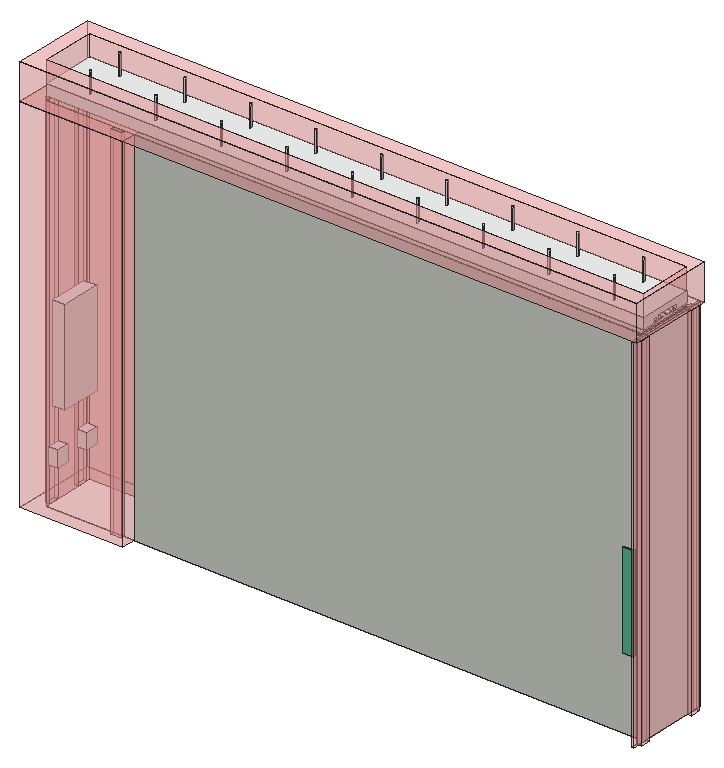
Revit family "Doors-Sliding_WON-DOOR_FireGuard-Straight_Flat-Lead-Post - Test V1 - all heights", category Doors, host Wall, Revit 2022
Family settings
  Host = Wall
  OmniClass Number = 23.30.10.21.11
  OmniClass Title = Fire Doors
  Always vertical = Yes
  Cut with Voids When Loaded = No
  Shared = No
  Room Calculation Point = No
Parameters (values of type "Non Rated")
  Width [instance] = if(Clear Opening Width > Max Width, Max Width, if(Clear Opening Width < Min Width, Min Width, Clear Opening Width))  # 14' - 0"
  Wall Construction Clearance ( by other ) [instance] = yes
  Voltage [instance] = 120 V
  Version = 1
  URL = "https://www.wondoor.com/"
  Threaded Rods ( by Won - Door ) [instance] = yes
  Thickness = 1' - 6"  # constant formula
  Step for Threaded Rods [instance] = 2' - 0"
  Standard Control Panel [instance] = yes
  Stack Depth [instance] = if(Height < 10' 0 1/32", if(or(Width < 9' 0", Width = 9' 0"), 1' 6", if(or(Width < 11' 1", Width = 11' 1"), 1' 11", if(or(Width < 12' 0", Width = 12' 0"), 2' 0", if(or(Width < 12' 10", Width = 12' 10"), 2' 1", if(or(Width < 14' 8", Width = 14' 8"), 2' 5", if(or(Width < 17' 5", Width = 17' 5"), 2' 7", if(or(Width < 18' 3", Width = 18' 3"), 2' 8", if(or(Width < 20' 1", Width = 20' 1"), 2' 10", if(or(Width < 20' 11", Width = 20' 11"), 2' 11", if(or(Width < 21' 10", Width = 21' 10"), 3' 0", if(or(Width < 23' 7", Width = 23' 7"), 3' 1", if(or(Width < 24' 6", Width = 24' 6"), 3' 2", if(or(Width < 25' 4", Width = 25' 4"), 3' 4", if(or(Width < 27' 2", Width = 27' 2"), 3' 5", if(or(Width < 28' 0", Width = 28' 0"), 3' 6", if(or(Width < 28' 11", Width = 28' 11"), 3' 7", if(or(Width < 29' 10", Width = 29' 10"), 3' 8", if(or(Width < 30' 8", Width = 30' 8"), 3' 8", if(or(Width < 31' 7", Width = 31' 7"), 3' 10", if(or(Width < 32' 7", Width = 32' 7"), 3' 11", if(or(Width < 33' 5", Width = 33' 5"), 4' 0", if(or(Width < 34' 4", Width = 34' 4"), 4' 0", if(or(Width < 36' 1", Width = 36' 1"), 4' 5", if(or(Width < 37' 0", Width = 37' 0"), 4' 6", if(or(Width < 37' 10", Width = 37' 10"), 4' 8", if(or(Width < 39' 8", Width = 39' 8"), 4' 9", if(or(Width < 40' 0", Width = 40' 0"), 4' 10", 0' 0"))))))))))))))))))))))))))), if(or(Width < 9' 0", Width = 9' 0"), 2' 1", if(or(Width < 11' 1", Width = 11' 1"), 2' 1", if(or(Width < 12' 0", Width = 12' 0"), 2' 1", if(or(Width < 12' 10", Width = 12' 10"), 2' 3", if(or(Width < 14' 8", Width = 14' 8"), 2' 7", if(or(Width < 17' 5", Width = 17' 5"), 2' 7", if(or(Width < 18' 3", Width = 18' 3"), 2' 8", if(or(Width < 20' 1", Width = 20' 1"), 2' 10", if(or(Width < 20' 11", Width = 20' 11"), 2' 11", if(or(Width < 21' 10", Width = 21' 10"), 3' 0", if(or(Width < 23' 7", Width = 23' 7"), 3' 1", if(or(Width < 24' 6", Width = 24' 6"), 3' 2", if(or(Width < 25' 4", Width = 25' 4"), 3' 4", if(or(Width < 27' 2", Width = 27' 2"), 3' 5", if(or(Width < 28' 0", Width = 28' 0"), 3' 6", if(or(Width < 28' 11", Width = 28' 11"), 3' 7", if(or(Width < 29' 10", Width = 29' 10"), 3' 11", if(or(Width < 30' 8", Width = 30' 8"), 4' 0", if(or(Width < 31' 7", Width = 31' 7"), 4' 2", if(or(Width < 32' 7", Width = 32' 7"), 4' 2", if(or(Width < 33' 5", Width = 33' 5"), 4' 3", if(or(Width < 34' 4", Width = 34' 4"), 4' 4", if(or(Width < 36' 1", Width = 36' 1"), 4' 5", if(or(Width < 37' 0", Width = 37' 0"), 4' 6", if(or(Width < 37' 10", Width = 37' 10"), 4' 8", if(or(Width < 39' 8", Width = 39' 8"), 4' 9", if(or(Width < 40' 0", Width = 40' 0"), 4' 10", 0' 0"))))))))))))))))))))))))))))  # 2' - 5"
  Rough Width [instance] = Width + Stack Depth + Offset for Stack Depth  # 16' - 9 7/8"
  Rough Height [instance] = Height + Real Head Height  # 11' - 0"
  Threaded Rods Height [instance] = Real Head Height - 0' 4 255/256"  # 0' - 7 1/256"
  Rod Position Depth = 1' - 0"  # constant formula
  Real Step for Threated Rods [instance] = (General Length for Rod - 2' 0") / (Count Rod - 1)  # 1' - 9 5/8"
  Real Step for Rod [instance] = if(not([Threaded Rods ( by Won - Door )]), Max Step for Threaded Rods, if(Step for Threaded Rods < Min Step for Threaded Rods, Min Step for Threaded Rods, if(Step for Threaded Rods > Max Step for Threaded Rods, Max Step for Threaded Rods, Step for Threaded Rods)))  # 2' - 0"
  Real Head Height [instance] = if(Head Height < Min Head Height, Min Head Height, Head Height)  # 1' - 0"
  Product data url = "https://bimobject.com/won-door/product/steelguard-straight-flat-lead-post"
  Product Page URL = "https://www.wondoor.com/products/steelguard"
  Power Factor [instance] = 1
  Pocket Thickness = 2' - 3 3/4"
  Open [instance] = no
  Offset for Stack Depth = if(Pocket Thickness = 2' 3 3/4", 0' 4 7/8", if(Pocket Thickness = 2' 6 1/4", 0' 6 1/8", 0' 7 3/8"))  # 0' - 4 7/8"
  Offset for Backing Width = if(or(Pocket Thickness = 2' 6 1/4", Pocket Thickness = 2' 8 3/4"), 0' 3 1/4", 0' 3 1/8")  # 0' - 3 1/8"
  Offset for Backing Depth = if(Pocket Thickness = 2' 6 1/4", 0' 7 3/8", if(Pocket Thickness = 2' 8 3/4", 0' 8 5/8", 0' 6 1/8"))  # 0' - 6 1/8"
  Number of Poles [instance] = 1
  Model = "SteelGuard Straight With Flat Lead Post"  # constant formula
  Min Width [instance] = 3' - 0"  # constant formula
  Min Step for Threaded Rods [instance] = 0' - 0 1/2"  # constant formula
  Min Height [instance] = 7' - 0"  # constant formula
  Min Head Height [instance] = 1' - 0"  # constant formula
  Max Width [instance] = 40' - 0"  # constant formula
  Max Step for Threaded Rods [instance] = 6' - 5"  # constant formula
  Max Height [instance] = 15' - 0"  # constant formula
  Manufacturer = "Won-Door Corporation"  # constant formula
  Wall Closure = By host
  Height [instance] = if(Clear Opening Height > Max Height, Max Height, if(Clear Opening Height < Min Height, Min Height, Clear Opening Height))  # 10' - 0"
  Head Height [instance] = 1' - 0"
  General Length for Rod [instance] = Stack Depth + Width  # 16' - 5"
  Fire Rating = "Non Rated"
  Elevation From [instance] = Height + 0' 4 255/256"  # 10' - 4 255/256"
  Door Finish = Won-Door-Metal-Platinum
  Description = "The Won-Door SteelGuard doors with flat lead posts are specifically designed for straight, single parting applications that are up to 40 feet wide and up to 12 feet in height."  # constant formula
  Date Updated = ""
  Date Created = "2023/08/25"
  Current [instance] = 10 A  # constant formula
  Count Rod [instance] = 1 + roundup((General Length for Rod - 2' 0") / Real Step for Rod)  # 9
  Connector Description [instance] = "100-240 VAC, 60/50 Hz, 10 AMP"  # constant formula
  Closed [instance] = not(Open)  # yes
  Clear Opening Width [instance] = 14' - 0"
  Clear Opening Height [instance] = 10' - 0"
  Backing Profile Clearance ( by other ) [instance] = yes
  Apparent Load [instance] = Voltage * Current  # 1200 VA
  Advanced Control Panel [instance] = not(Standard Control Panel)  # no
Reference planes (in)
  plane 1 "Center (Front/Back)": y = 0
  plane 2 "Center (Left/Right)": x = 0
  plane 3 "Left": x = -84
  plane 4 "Right": x = 84
  plane 5 "Top": z = 120
  plane 6 "Exterior": y = 9
  plane 7 "Interior": y = -9
  plane 8: x = -113
  plane 9: x = 81
  plane 10: x = 77.75
  plane 11: z = 24
  plane 12: z = 55.25
  plane 13: y = 13.875
  plane 14: y = -13.875
  plane 15: x = -117.875
  plane 16: z = 132
  plane 17: z = 132
  plane 18: y = 9
  plane 19: y = -9
  plane 20: x = -108.25
  plane 21: z = 60
  plane 22: z = 12
  plane 23: z = 44.375
  plane 24: x = -87.125
  plane 25: y = 10.25
  plane 26: y = -10.25
  plane 27: x = -90.75
  plane 28: y = 7.75
  plane 29: y = 4.125
  plane 30: y = -7.75
  plane 31: y = -4.125
  plane 32: y = 12.125
  plane 33: y = -12.125
  plane 34: y = 10.25
  plane 35: y = -10.25
  plane 36: y = 12.125
  plane 37: y = -12.125
  plane 38: x = 85.875
  plane 39: x = 81
  plane 40: x = 83.10266
  plane 41: x = 83.23326
  plane 42: x = -101
  plane 43: x = 72
  plane 44: y = 6
  plane 45: y = -6
Forms (in)
  Extrusion 1, solid, material "Won-Door-Metal-Platinum" <- "Door Finish", visible <- "Closed", detail levels coarse+medium
    sketch origin (0, 0, 0) x (1, 0, 0) y (0, 1, 0)
      loop
        line (83.10266, 9) -> (-84, 9) -> (-84, -9) -> (83.10266, -9) -> (83.10266, 9)
    from 0 to 120
  Extrusion 2, solid, material "Won-Door-Plastic-Green", visible <- "Closed", detail levels medium+fine
    sketch origin (-1.63592, 0, 0) x (1, 0, 0) y (0, 1, 0)
      loop
        line (79.38592, -9) -> (79.38592, -9.5) -> (82.63592, -9.5) -> (82.63592, -9) -> (79.38592, -9)
      loop
        line (79.38592, 9) -> (82.63592, 9) -> (82.63592, 9.5) -> (79.38592, 9.5) -> (79.38592, 9)
    from 24 to 55.25
  Extrusion 3, solid, material "Won-Door-Metal-Platinum" <- "Door Finish", visible <- "Open"
    sketch origin (0, 0, 0) x (1, 0, 0) y (0, 1, 0)
      loop
        line (-108.25, 9) -> (-108.25, -9) -> (-87.875, -9) -> (-87.875, 9) -> (-108.25, 9)
    from 0 to 120
  Extrusion 4, solid, visible <- "Wall Construction Clearance ( by other )"
    sketch origin (0, 0, 0) x (1, 0, 0) y (0, 1, 0)
      loop
        line (-117.875, 13.875) -> (-117.875, -13.875) -> (-84, -13.875) -> (-84, -9) -> (-113, -9) -> (-113, 9) -> (-84, 9) -> (-84, 13.875) -> (-117.875, 13.875)
    from 0 to 120
  Extrusion 5, solid, material "Won-Door-Metal-Gray", detail levels fine
    sketch origin (84, 19.47829, 0) x (0, -1, 0) y (1, 0, 0)
      loop
        line (9.7376, 0) -> (8.25, 0) -> (8.25, -0.41471) -> (9.57689, -1.09079) -> (10.47829, -0.93185) -> (10.47829, -0.76674) -> (9.7376, -0.89734) -> (9.7376, 0)
    from 0 to 120
  Extrusion 6, solid, material "Won-Door-Metal-Gray", detail levels fine
    sketch origin (84, 19.47829, 0) x (0, -1, 0) y (1, 0, 0)
      loop
        line (29.21898, 0) -> (29.21898, -0.89734) -> (28.47829, -0.76674) -> (28.47829, -0.93185) -> (29.37969, -1.09079) -> (30.70657, -0.41471) -> (30.70657, 0) -> (29.21898, 0)
    from 0 to 120
  Extrusion 7, solid, material "Won-Door-Metal-Gray", detail levels medium
    sketch origin (84, 19.47829, 0) x (0, -1, 0) y (1, 0, 0)
      loop
        line (30.70657, 0) -> (29.21898, 0) -> (29.21898, -0.89734) -> (28.47829, -0.89734) -> (28.47829, -1.09079) -> (30.70657, -1.09079) -> (30.70657, 0)
    from 0 to 120
  Extrusion 8, solid, material "Won-Door-Metal-Gray", detail levels medium
    sketch origin (84, 19.47829, 0) x (0, -1, 0) y (1, 0, 0)
      loop
        line (8.25, 0) -> (8.25, -1.09079) -> (10.47829, -1.09079) -> (10.47829, -0.89734) -> (9.7376, -0.89734) -> (9.7376, 0) -> (8.25, 0)
    from 0 to 120
  Extrusion 9, solid, material "Won-Door-Metal-Gray", detail levels fine
    sketch origin (0, -9.5888, 121.00267) x (0, -1, 0) y (0, 0, -1)
      loop
        line (-0.5888, -0.49933) -> (-5.1268, -0.49933) -> (-5.1268, -0.58283) -> (-4.7018, -0.58283) -> (-4.7018, -1.99033) -> (-6.3018, -1.99033) -> (-6.3018, -0.58283) -> (-5.8768, -0.58283) -> (-5.8768, -0.49633) -> (-6.4008, -0.49633) -> (-6.4008, -0.65833) -> (-8.7058, -0.65833) -> (-8.7058, -0.76733) -> (-6.5098, -0.76733) -> (-6.5098, -2.13833) -> (-12.6678, -2.13833) -> (-12.6678, -0.76733) -> (-10.4718, -0.76733) -> (-10.4718, -0.65833) -> (-12.7768, -0.65833) -> (-12.7768, -0.49633) -> (-13.3008, -0.49633) -> (-13.3008, -0.58283) -> (-12.8758, -0.58283) -> (-12.8758, -1.99033) -> (-14.4758, -1.99033) -> (-14.4758, -0.58283) -> (-14.0508, -0.58283) -> (-14.0508, -0.49933) -> (-18.5888, -0.49933) -> (-18.5888, -3.99233) -> (-0.5888, -3.99233) -> (-0.5888, -0.49933)
    from -113 to 84
  Extrusion 10, solid, material "Won-Door-Metal-Gray", detail levels medium
    sketch origin (0, -9.5888, 121.00267) x (0, -1, 0) y (0, 0, -1)
      loop
        line (-18.5888, -3.99233) -> (-0.5888, -3.99233) -> (-0.5888, -0.49933) -> (-6.5098, -0.49933) -> (-6.5098, -2.13833) -> (-12.6678, -2.13833) -> (-12.6678, -0.49933) -> (-18.5888, -0.49933) -> (-18.5888, -3.99233)
    from -113 to 84
  Extrusion 11, solid, material "Won-Door-Metal-Gray", detail levels coarse
    sketch origin (0, -9.5888, 121.00267) x (0, -1, 0) y (0, 0, -1)
      loop
        line (-18.5888, -3.99233) -> (-0.5888, -3.99233) -> (-0.5888, -0.49933) -> (-18.5888, -0.49933) -> (-18.5888, -3.99233)
    from -113 to 84
  Extrusion 12, solid, material "Clearance", visible <- "Wall Construction Clearance ( by other )"
    sketch origin (0, 0, 0) x (1, 0, 0) y (0, 1, 0)
      loop
        line (-117.875, 13.875) -> (-117.875, -13.875) -> (85.875, -13.875) -> (85.875, 13.875) -> (-117.875, 13.875)
      loop
        line (-113, 9) -> (-113, -9) -> (84, -9) -> (84, 9) -> (-113, 9)
    from 120 to 132
  Extrusion 13, void
    sketch origin (0, 0, 0) x (1, 0, 0) y (0, 1, 0)
      loop
        line (84, -9) -> (84, 9) -> (-84, 9) -> (-84, -9) -> (84, -9)
    from 0 to 120
  Extrusion 14, solid, material "Won-Door-Metal-Gray", visible <- "Open", detail levels medium+fine
    sketch origin (0, 0, 0) x (1, 0, 0) y (0, 1, 0)
      loop
        line (-84, -8.875) -> (-84, 8.875) -> (-84.4375, 8.875) -> (-84.4375, 6.5) -> (-85, 6.5) -> (-85, -6.5) -> (-84.4375, -6.5) -> (-84.4375, -8.875) -> (-84, -8.875)
    from 0 to 120
  Extrusion 15, solid, material "Won-Door-Metal-Gray", visible <- "Open", detail levels coarse
    sketch origin (0, 0, 0) x (1, 0, 0) y (0, 1, 0)
      loop
        line (-84, -8.875) -> (-84, 8.875) -> (-85, 8.875) -> (-85, -8.875) -> (-84, -8.875)
    from 0 to 120
  Extrusion 16, solid, material "Won-Door-Metal-Gray"
    sketch origin (0, 0, 0) x (1, 0, 0) y (0, 1, 0)
      loop
        line (-113, 6.5) -> (-113, -6.5) -> (-109, -6.5) -> (-109, 6.5) -> (-113, 6.5)
    from 28.75 to 60
  Extrusion 17, void
    sketch origin (0, 0, 0) x (1, 0, 0) y (0, 1, 0)
      loop
        line (-113, 9) -> (-113, -9) -> (-84, -9) -> (-84, 9) -> (-113, 9)
    from 0 to 120
  Extrusion 18, solid, visible <- "Backing Profile Clearance ( by other )"
    sketch origin (0, 0, 0) x (1, 0, 0) y (0, 1, 0)
      loop
        line (-87.125, 9) -> (-87.125, 10.25) -> (-90.75, 10.25) -> (-90.75, 9) -> (-87.125, 9)
      loop
        line (-87.125, -9) -> (-90.75, -9) -> (-90.75, -10.25) -> (-87.125, -10.25) -> (-87.125, -9)
    from 0 to 120
  Extrusion 19, solid, visible <- "Backing Profile Clearance ( by other )"
    sketch origin (0, 0, 0) x (1, 0, 0) y (0, 1, 0)
      loop
        line (-114.25, 7.75) -> (-114.25, 4.125) -> (-113, 4.125) -> (-113, 7.75) -> (-114.25, 7.75)
      loop
        line (-114.25, -7.75) -> (-113, -7.75) -> (-113, -4.125) -> (-114.25, -4.125) -> (-114.25, -7.75)
    from 0 to 120
  Extrusion 20, solid, material "Clearance", visible <- "Wall Construction Clearance ( by other )"
    sketch origin (0, 0, 0) x (1, 0, 0) y (0, 1, 0)
      loop
        line (84, -13.875) -> (84.625, -13.875) -> (84.625, 13.875) -> (84, 13.875) -> (84, -13.875)
    from 0 to 120
  Extrusion 21, solid, material "Clearance", visible <- "Backing Profile Clearance ( by other )"
    sketch origin (0, 0, 0) x (1, 0, 0) y (0, 1, 0)
      loop
        line (84.625, 12.125) -> (84.625, 8.5) -> (85.875, 8.5) -> (85.875, 12.125) -> (84.625, 12.125)
      loop
        line (84.625, -12.125) -> (85.875, -12.125) -> (85.875, -8.5) -> (84.625, -8.5) -> (84.625, -12.125)
    from 0 to 120
  Extrusion 22, void
    sketch origin (0, 0, 0) x (1, 0, 0) y (0, 1, 0)
      loop
        line (-113, 9) -> (-113, -9) -> (84, -9) -> (84, 9) -> (-113, 9)
    from 120 to 132
  Extrusion 23, solid, material "Won-Door-Metal-Gray", visible <- "Closed", detail levels fine
    sketch origin (84, 19.47829, 0) x (0, -1, 0) y (1, 0, 0)
      loop
        line (29.21898, 0) -> (9.7376, 0) -> (9.7376, -0.89734) -> (10.47829, -0.76674) -> (28.47829, -0.76674) -> (29.21898, -0.89734) -> (29.21898, 0)
    from 0 to 120
  Extrusion 24, solid, material "Won-Door-Metal-Gray", visible <- "Closed", detail levels coarse+medium
    sketch origin (84, 19.47829, 0) x (0, -1, 0) y (1, 0, 0)
      loop
        line (9.7376, 0) -> (9.7376, -0.89734) -> (29.21898, -0.89734) -> (29.21898, 0) -> (9.7376, 0)
    from 0 to 120
  Extrusion 25, solid, material "Won-Door-Metal-Platinum", visible <- "Open", detail levels medium+fine
    sketch origin (-84, 9, 0) x (0, -1, 0) y (1, 0, 0)
      loop
        line (7.46327, -3.60287) -> (7.36997, -3.875) -> (10.63003, -3.875) -> (10.53673, -3.60287) -> (15.5, -2.50443) -> (15.5, -1) -> (2.5, -1) -> (2.5, -2.50443) -> (7.46327, -3.60287)
    from 0 to 120
  Extrusion 26, solid, material "Won-Door-Metal-Platinum", visible <- "Open", detail levels coarse
    sketch origin (-84, 9, 0) x (0, -1, 0) y (1, 0, 0)
      loop
        line (15.5, -3.875) -> (15.5, -1) -> (2.5, -1) -> (2.5, -3.875) -> (15.5, -3.875)
    from 0 to 120
  Extrusion 27, solid, material "Won-Door-Metal-Platinum" <- "Door Finish", visible <- "Closed", detail levels fine
    sketch origin (-84, 9, 0) x (0, -1, 0) y (1, 0, 0)
      loop
        line (0, 167.23326) -> (0, 0) -> (18, 0) -> (18, 167.23326) -> (0, 167.23326)
    from 0 to 120
Lines and regions (in)
  Masking region 1, detail levels fine
    outline origin (84, 19.47829, 0) x (0, -1, 0) y (1, 0, 0)
      loop
        line (8.25, -0.41471) -> (9.57689, -1.09079) -> (10.47829, -0.93185) -> (10.47829, -0.76674) -> (9.7376, -0.89734) -> (9.7376, 0) -> (8.25, 0) -> (8.25, -0.41471)
      loop
        line (30.70657, -0.41471) -> (30.70657, 0) -> (29.21898, 0) -> (29.21898, -0.89734) -> (28.47829, -0.76674) -> (28.47829, -0.93185) -> (29.37969, -1.09079) -> (30.70657, -0.41471)
  Masking region 2, detail levels medium
    outline origin (84, 19.47829, 0) x (0, -1, 0) y (1, 0, 0)
      loop
        line (8.25, 0) -> (8.25, -1.09079) -> (10.47829, -1.09079) -> (10.47829, -0.89734) -> (9.7376, -0.89734) -> (9.7376, 0) -> (8.25, 0)
      loop
        line (30.70657, 0) -> (29.21898, 0) -> (29.21898, -0.89734) -> (28.47829, -0.89734) -> (28.47829, -1.09079) -> (30.70657, -1.09079) -> (30.70657, 0)
  Masking region 3, visible <- "Closed", detail levels medium+fine
    outline origin (0, 0, 0) x (1, 0, 0) y (0, 1, 0)
      loop
        line (77.75, 9) -> (81, 9) -> (81, 9.5) -> (77.75, 9.5) -> (77.75, 9)
      loop
        line (77.75, -9) -> (77.75, -9.5) -> (81, -9.5) -> (81, -9) -> (77.75, -9)
  Masking region 4, visible <- "Closed", detail levels fine
    outline origin (0, 0, 0) x (1, 0, 0) y (0, 1, 0)
      loop
        line (-84, -9) -> (83.23326, -9) -> (83.10266, -9.74069) -> (84, -9.74069) -> (84, 9.74069) -> (83.10266, 9.74069) -> (83.23326, 9) -> (-84, 9) -> (-84, -9)
  Masking region 5, visible <- "Closed", detail levels medium
    outline origin (0, 0, 0) x (1, 0, 0) y (0, 1, 0)
      loop
        line (-84, 9) -> (-84, -9) -> (83.10266, -9) -> (83.10266, -9.74069) -> (84, -9.74069) -> (84, 9.74069) -> (83.10266, 9.74069) -> (83.10266, 9) -> (-84, 9)
  Masking region 6, visible <- "Closed", detail levels coarse
    outline origin (0, 0, 0) x (1, 0, 0) y (0, 1, 0)
      loop
        line (-84, 9) -> (-84, -9) -> (84, -9) -> (84, 9) -> (-84, 9)
  Masking region 7, visible <- "Wall Construction Clearance ( by other )"
    outline origin (0, 0, 0) x (1, 0, 0) y (0, 1, 0)
      loop
        line (-84, -13.875) -> (-84, -9) -> (-113, -9) -> (-113, 9) -> (-84, 9) -> (-84, 13.875) -> (-117.875, 13.875) -> (-117.875, -13.875) -> (-84, -13.875)
  Masking region 8, detail levels medium+fine
    outline origin (0, 0, 0) x (1, 0, 0) y (0, 1, 0)
      loop
        line (-84, -8.875) -> (-84, 8.875) -> (-84.875, 8.875) -> (-84.875, 6.5) -> (-85, 6.5) -> (-85, -6.5) -> (-84.875, -6.5) -> (-84.875, -8.875) -> (-84, -8.875)
  Masking region 9, detail levels coarse
    outline origin (0, 0, 0) x (1, 0, 0) y (0, 1, 0)
      loop
        line (-84, -8.875) -> (-84, 8.875) -> (-85, 8.875) -> (-85, -8.875) -> (-84, -8.875)
  Masking region 10, detail levels medium+fine
    outline origin (0, 0, 0) x (1, 0, 0) y (0, 1, 0)
      loop
        line (-85, 2.5) -> (-85.25, 2.5) -> (-85.25, -2.5) -> (-85, -2.5) -> (-85, 2.5)
  Masking region 11, detail levels fine
    outline origin (-108.25, 9, 0) x (0, -1, 0) y (1, 0, 0)
      loop
        line (1, -0.05295) -> (0.73098, -0.06235)
        arc (0.73098, -0.06235) -> (0.52431, -0.09253) -> (0.32923, -0.16714) r 0.95019
        arc (0.32923, -0.16714) -> (0.20325, -0.28585) -> (0.11756, -0.43625) r 0.58444
        arc (0.11756, -0.43625) -> (0.04159, -0.65102) -> (0, -0.875) r 1.45802
        line (0, -0.875) -> (0, -4.75) -> (18, -4.75) -> (18, -0.875)
        arc (18, -0.875) -> (17.95841, -0.65102) -> (17.88244, -0.43625) r 1.45802
        arc (17.88244, -0.43625) -> (17.79675, -0.28585) -> (17.67077, -0.16714) r 0.58444
        arc (17.67077, -0.16714) -> (17.47569, -0.09253) -> (17.26902, -0.06235) r 0.95019
        line (17.26902, -0.06235) -> (17, -0.05295) -> (17, 0.03485) -> (15.458, 0.03485)
        arc (15.458, 0.03485) -> (15.4283, 0.04715) -> (15.416, 0.07685) r 0.042
        line (15.416, 0.07685) -> (15.416, 0.65885)
        arc (15.416, 0.65885) -> (15.3914, 0.71824) -> (15.332, 0.74285) r 0.084
        line (15.332, 0.74285) -> (13.793, 0.74285)
        arc (13.793, 0.74285) -> (13.7336, 0.71824) -> (13.709, 0.65885) r 0.084
        line (13.709, 0.65885) -> (13.709, 0.084)
        arc (13.709, 0.084) -> (13.6967, 0.0543) -> (13.667, 0.042) r 0.042
        line (13.667, 0.042) -> (4.333, 0.042)
        arc (4.333, 0.042) -> (4.3033, 0.0543) -> (4.291, 0.084) r 0.042
        line (4.291, 0.084) -> (4.291, 0.65885)
        arc (4.291, 0.65885) -> (4.2664, 0.71824) -> (4.207, 0.74285) r 0.084
        line (4.207, 0.74285) -> (2.668, 0.74285)
        arc (2.668, 0.74285) -> (2.6086, 0.71824) -> (2.584, 0.65885) r 0.084
        line (2.584, 0.65885) -> (2.584, 0.07685)
        arc (2.584, 0.07685) -> (2.5717, 0.04715) -> (2.542, 0.03485) r 0.042
        line (2.542, 0.03485) -> (1, 0.03485) -> (1, -0.05295)
  Masking region 12, visible <- "Open", detail levels fine
    outline origin (-108.25, 9, 0) x (0, -1, 0) y (1, 0, 0)
      loop
        line (2.34066, 2.88875) -> (3.25051, 2.96835) -> (3.97045, 2.96835) -> (4.72058, 2.77357) -> (5.12697, 2.77357) -> (5.87685, 2.96833) -> (6.59695, 2.96833) -> (7.37831, 2.9) -> (7.47546, 2.61662) -> (6.6348, 2.50739) -> (5.92592, 2.35149) -> (5.23573, 2.00039) -> (4.84507, 1.91447) -> (4.07062, 1.94356) -> (3.3621, 1.78774) -> (2.55097, 1.53339) -> (2.55097, 0.56872) -> (2.584, 0.56872) -> (2.584, 1.51755) -> (3.36969, 1.76378) -> (4.07299, 1.91845) -> (4.8472, 1.88931) -> (5.2441, 1.9766) -> (5.93488, 2.32796) -> (6.63802, 2.4826) -> (7.50891, 2.59576) -> (7.40542, 2.89763) -> (7.47546, 3.17481) -> (6.60059, 3.25135) -> (5.87477, 3.25135) -> (5.12527, 3.05669) -> (4.72528, 3.05669) -> (3.97515, 3.25145) -> (3.24971, 3.25145) -> (2.26655, 3.16532) -> (2.34066, 2.88875)
      loop
        line (2.34066, 3.40175) -> (3.25051, 3.48135) -> (3.97045, 3.48135) -> (4.72058, 3.28657) -> (5.12697, 3.28657) -> (5.87685, 3.48133) -> (6.59695, 3.48133) -> (7.40542, 3.41063) -> (7.47546, 3.68781) -> (6.60059, 3.76435) -> (5.87477, 3.76435) -> (5.12527, 3.56969) -> (4.72528, 3.56969) -> (3.97515, 3.76445) -> (3.24971, 3.76445) -> (2.26655, 3.67832) -> (2.34066, 3.40175)
      loop
        line (2.34278, 3.91908) -> (3.25263, 3.99868) -> (3.97257, 3.99868) -> (4.7227, 3.80389) -> (5.12909, 3.80389) -> (5.87896, 3.99865) -> (6.59907, 3.99865) -> (7.40754, 3.92796) -> (7.47758, 4.20514) -> (6.60271, 4.28168) -> (5.87689, 4.28168) -> (5.12739, 4.08702) -> (4.72739, 4.08702) -> (3.97727, 4.28178) -> (3.25182, 4.28178) -> (2.26867, 4.19564) -> (2.34278, 3.91908)
      loop
        line (2.34278, 4.43584) -> (3.25263, 4.51544) -> (3.97257, 4.51544) -> (4.7227, 4.32065) -> (5.12909, 4.32065) -> (5.87896, 4.51541) -> (6.59907, 4.51541) -> (7.40754, 4.44471) -> (7.47758, 4.7219) -> (6.60271, 4.79844) -> (5.87689, 4.79844) -> (5.12739, 4.60378) -> (4.72739, 4.60378) -> (3.97727, 4.79854) -> (3.25182, 4.79854) -> (2.26867, 4.7124) -> (2.34278, 4.43584)
      loop
        line (2.34278, 4.95383) -> (3.25263, 5.03343) -> (3.97257, 5.03343) -> (4.7227, 4.83865) -> (5.12909, 4.83865) -> (5.87896, 5.03341) -> (6.59907, 5.03341) -> (7.40754, 4.96271) -> (7.47758, 5.23989) -> (6.60271, 5.31643) -> (5.87689, 5.31643) -> (5.12739, 5.12177) -> (4.72739, 5.12177) -> (3.97727, 5.31653) -> (3.25182, 5.31653) -> (2.26867, 5.2304) -> (2.34278, 4.95383)
      loop
        line (15.65934, 2.88875) -> (15.73345, 3.16532) -> (14.75029, 3.25145) -> (14.02485, 3.25145) -> (13.27472, 3.05669) -> (12.87473, 3.05669) -> (12.12523, 3.25135) -> (11.39941, 3.25135) -> (10.52454, 3.17481) -> (10.59458, 2.89763) -> (10.49109, 2.59576) -> (11.36198, 2.4826) -> (12.06512, 2.32796) -> (12.7559, 1.9766) -> (13.1528, 1.88931) -> (13.92701, 1.91845) -> (14.63031, 1.76378) -> (15.416, 1.51755) -> (15.416, 0.56872) -> (15.44903, 0.56872) -> (15.44903, 1.53339) -> (14.6379, 1.78774) -> (13.92938, 1.94356) -> (13.15493, 1.91447) -> (12.76427, 2.00039) -> (12.07408, 2.35149) -> (11.3652, 2.50739) -> (10.52454, 2.61662) -> (10.62169, 2.9) -> (11.40305, 2.96833) -> (12.12315, 2.96833) -> (12.87303, 2.77357) -> (13.27942, 2.77357) -> (14.02955, 2.96835) -> (14.74949, 2.96835) -> (15.65934, 2.88875)
      loop
        line (15.65934, 3.40175) -> (15.73345, 3.67832) -> (14.75029, 3.76445) -> (14.02485, 3.76445) -> (13.27472, 3.56969) -> (12.87473, 3.56969) -> (12.12523, 3.76435) -> (11.39941, 3.76435) -> (10.52454, 3.68781) -> (10.59458, 3.41063) -> (11.40305, 3.48133) -> (12.12315, 3.48133) -> (12.87303, 3.28657) -> (13.27942, 3.28657) -> (14.02955, 3.48135) -> (14.74949, 3.48135) -> (15.65934, 3.40175)
      loop
        line (15.65722, 3.91908) -> (15.73133, 4.19564) -> (14.74818, 4.28178) -> (14.02273, 4.28178) -> (13.27261, 4.08702) -> (12.87261, 4.08702) -> (12.12311, 4.28168) -> (11.39729, 4.28168) -> (10.52242, 4.20514) -> (10.59246, 3.92796) -> (11.40093, 3.99865) -> (12.12104, 3.99865) -> (12.87091, 3.80389) -> (13.2773, 3.80389) -> (14.02743, 3.99868) -> (14.74737, 3.99868) -> (15.65722, 3.91908)
      loop
        line (15.65722, 4.43584) -> (15.73133, 4.7124) -> (14.74818, 4.79854) -> (14.02273, 4.79854) -> (13.27261, 4.60378) -> (12.87261, 4.60378) -> (12.12311, 4.79844) -> (11.39729, 4.79844) -> (10.52242, 4.7219) -> (10.59246, 4.44471) -> (11.40093, 4.51541) -> (12.12104, 4.51541) -> (12.87091, 4.32065) -> (13.2773, 4.32065) -> (14.02743, 4.51544) -> (14.74737, 4.51544) -> (15.65722, 4.43584)
      loop
        line (15.65722, 4.95383) -> (15.73133, 5.2304) -> (14.74818, 5.31653) -> (14.02273, 5.31653) -> (13.27261, 5.12177) -> (12.87261, 5.12177) -> (12.12311, 5.31643) -> (11.39729, 5.31643) -> (10.52242, 5.23989) -> (10.59246, 4.96271) -> (11.40093, 5.03341) -> (12.12104, 5.03341) -> (12.87091, 4.83865) -> (13.2773, 4.83865) -> (14.02743, 5.03343) -> (14.74737, 5.03343) -> (15.65722, 4.95383)
  Masking region 13, visible <- "Open", detail levels fine
    outline origin (-84, 9, 0) x (0, -1, 0) y (1, 0, 0)
      loop
        line (2.32847, -3.17231) -> (2.25436, -3.44887) -> (3.23751, -3.53501) -> (3.96296, -3.53501) -> (4.71308, -3.34025) -> (5.11308, -3.34025) -> (5.86258, -3.53491) -> (6.5884, -3.53491) -> (7.46327, -3.45837) -> (7.39323, -3.18119) -> (7.49672, -2.87931) -> (6.62583, -2.76615) -> (5.92269, -2.61152) -> (5.23191, -2.26015) -> (4.83501, -2.17286) -> (4.0608, -2.20201) -> (3.3575, -2.04734) -> (2.5, -1.7786) -> (2.5, -0.85228) -> (2.46697, -0.85228) -> (2.46697, -1.79443) -> (3.34991, -2.0713) -> (4.05842, -2.22712) -> (4.83287, -2.19803) -> (5.22353, -2.28394) -> (5.91373, -2.63504) -> (6.62261, -2.79095) -> (7.46327, -2.90018) -> (7.36612, -3.18356) -> (6.58476, -3.25188) -> (5.86465, -3.25188) -> (5.11478, -3.05712) -> (4.70839, -3.05712) -> (3.95826, -3.25191) -> (3.23832, -3.25191) -> (2.32847, -3.17231)
      loop
        line (2.32847, -3.68531) -> (2.25436, -3.96187) -> (3.23751, -4.04801) -> (3.96296, -4.04801) -> (4.71308, -3.85325) -> (5.11308, -3.85325) -> (5.86258, -4.04791) -> (6.5884, -4.04791) -> (7.46327, -3.97137) -> (7.39323, -3.69419) -> (6.58476, -3.76488) -> (5.86465, -3.76488) -> (5.11478, -3.57012) -> (4.70839, -3.57012) -> (3.95826, -3.76491) -> (3.23832, -3.76491) -> (2.32847, -3.68531)
      loop
        line (2.33058, -4.20263) -> (2.25648, -4.4792) -> (3.23963, -4.56533) -> (3.96507, -4.56533) -> (4.7152, -4.37057) -> (5.1152, -4.37057) -> (5.86469, -4.56523) -> (6.59052, -4.56523) -> (7.46539, -4.48869) -> (7.39534, -4.21151) -> (6.58688, -4.28221) -> (5.86677, -4.28221) -> (5.11689, -4.08745) -> (4.71051, -4.08745) -> (3.96038, -4.28224) -> (3.24043, -4.28224) -> (2.33058, -4.20263)
      loop
        line (2.33058, -4.71939) -> (2.25648, -4.99596) -> (3.23963, -5.08209) -> (3.96507, -5.08209) -> (4.7152, -4.88733) -> (5.1152, -4.88733) -> (5.86469, -5.08199) -> (6.59052, -5.08199) -> (7.46539, -5.00545) -> (7.39534, -4.72827) -> (6.58688, -4.79897) -> (5.86677, -4.79897) -> (5.11689, -4.60421) -> (4.71051, -4.60421) -> (3.96038, -4.79899) -> (3.24043, -4.79899) -> (2.33058, -4.71939)
      loop
        line (2.33058, -5.23739) -> (2.26867, -5.46845) -> (3.30328, -5.55896) -> (4.02322, -5.55896) -> (4.77335, -5.36417) -> (5.17974, -5.36417) -> (5.92961, -5.55893) -> (6.64972, -5.55893) -> (7.45653, -5.48838) -> (7.39534, -5.24627) -> (6.58688, -5.31696) -> (5.86677, -5.31696) -> (5.11689, -5.1222) -> (4.71051, -5.1222) -> (3.96038, -5.31699) -> (3.24043, -5.31699) -> (2.33058, -5.23739)
      loop
        line (15.67153, -3.17231) -> (14.76168, -3.25191) -> (14.04174, -3.25191) -> (13.29161, -3.05712) -> (12.88522, -3.05712) -> (12.13535, -3.25188) -> (11.41524, -3.25188) -> (10.63388, -3.18356) -> (10.53673, -2.90018) -> (11.37739, -2.79095) -> (12.08627, -2.63504) -> (12.77647, -2.28394) -> (13.16713, -2.19803) -> (13.94158, -2.22712) -> (14.65009, -2.0713) -> (15.53303, -1.79443) -> (15.53303, -0.85228) -> (15.5, -0.85228) -> (15.5, -1.7786) -> (14.6425, -2.04734) -> (13.9392, -2.20201) -> (13.16499, -2.17286) -> (12.76809, -2.26015) -> (12.07731, -2.61152) -> (11.37417, -2.76615) -> (10.50328, -2.87931) -> (10.60677, -3.18119) -> (10.53673, -3.45837) -> (11.4116, -3.53491) -> (12.13742, -3.53491) -> (12.88692, -3.34025) -> (13.28692, -3.34025) -> (14.03704, -3.53501) -> (14.76249, -3.53501) -> (15.74564, -3.44887) -> (15.67153, -3.17231)
      loop
        line (15.67153, -3.68531) -> (14.76168, -3.76491) -> (14.04174, -3.76491) -> (13.29161, -3.57012) -> (12.88522, -3.57012) -> (12.13535, -3.76488) -> (11.41524, -3.76488) -> (10.60677, -3.69419) -> (10.53673, -3.97137) -> (11.4116, -4.04791) -> (12.13742, -4.04791) -> (12.88692, -3.85325) -> (13.28692, -3.85325) -> (14.03704, -4.04801) -> (14.76249, -4.04801) -> (15.74564, -3.96187) -> (15.67153, -3.68531)
      loop
        line (15.66942, -4.20263) -> (14.75957, -4.28224) -> (14.03962, -4.28224) -> (13.28949, -4.08745) -> (12.88311, -4.08745) -> (12.13323, -4.28221) -> (11.41312, -4.28221) -> (10.60466, -4.21151) -> (10.53461, -4.48869) -> (11.40948, -4.56523) -> (12.13531, -4.56523) -> (12.8848, -4.37057) -> (13.2848, -4.37057) -> (14.03493, -4.56533) -> (14.76037, -4.56533) -> (15.74352, -4.4792) -> (15.66942, -4.20263)
      loop
        line (15.66942, -4.71939) -> (14.75957, -4.79899) -> (14.03962, -4.79899) -> (13.28949, -4.60421) -> (12.88311, -4.60421) -> (12.13323, -4.79897) -> (11.41312, -4.79897) -> (10.60466, -4.72827) -> (10.53461, -5.00545) -> (11.40948, -5.08199) -> (12.13531, -5.08199) -> (12.8848, -4.88733) -> (13.2848, -4.88733) -> (14.03493, -5.08209) -> (14.76037, -5.08209) -> (15.74352, -4.99596) -> (15.66942, -4.71939)
      loop
        line (15.66942, -5.23739) -> (14.75957, -5.31699) -> (14.03962, -5.31699) -> (13.28949, -5.1222) -> (12.88311, -5.1222) -> (12.13323, -5.31696) -> (11.41312, -5.31696) -> (10.60466, -5.24627) -> (10.54347, -5.48838) -> (11.35028, -5.55893) -> (12.07039, -5.55893) -> (12.82026, -5.36417) -> (13.22665, -5.36417) -> (13.97678, -5.55896) -> (14.69672, -5.55896) -> (15.73133, -5.46845) -> (15.66942, -5.23739)
  Masking region 14, detail levels fine
    outline origin (-84, 9, 0) x (0, -1, 0) y (1, 0, 0)
      loop
        line (16.79086, -0.25) -> (16.79086, -0.125) -> (15.50106, -0.125) -> (15.50106, -0.75) -> (16.79086, -0.75) -> (16.79086, -0.625) -> (17.79086, -0.625) -> (17.79086, -0.25) -> (16.79086, -0.25)
      loop
        line (14.5352, -0.917) -> (15.3692, -0.917) -> (15.3692, -0.083) -> (14.5352, -0.083) -> (14.5352, -0.917)
      loop
        line (3.4648, -0.917) -> (3.4648, -0.083) -> (2.6308, -0.083) -> (2.6308, -0.917) -> (3.4648, -0.917)
      loop
        line (1.20914, -0.25) -> (0.20914, -0.25) -> (0.20914, -0.625) -> (1.20914, -0.625) -> (1.20914, -0.75) -> (2.49894, -0.75) -> (2.49894, -0.125) -> (1.20914, -0.125) -> (1.20914, -0.25)
  Masking region 15, visible <- "Open", detail levels medium
    outline origin (-108.25, 9, 0) x (0, -1, 0) y (1, 0, 0)
      loop
        line (2.55097, 1.53339) -> (2.55097, 0.56872) -> (2.584, 0.56872) -> (2.584, 1.51243) -> (7.50891, 2.59576) -> (7.40542, 2.89763) -> (7.47546, 3.17481) -> (2.26401, 3.17481) -> (2.34066, 2.88875) -> (7.38217, 2.88875) -> (7.47546, 2.61662) -> (2.55097, 1.53339)
      loop
        line (7.40318, 3.40175) -> (7.47306, 3.67832) -> (2.26655, 3.67832) -> (2.34066, 3.40175) -> (7.40318, 3.40175)
      loop
        line (7.4053, 3.91908) -> (7.47518, 4.19564) -> (2.26867, 4.19564) -> (2.34278, 3.91908) -> (7.4053, 3.91908)
      loop
        line (7.4053, 4.43584) -> (7.47518, 4.7124) -> (2.26867, 4.7124) -> (2.34278, 4.43584) -> (7.4053, 4.43584)
      loop
        line (7.4053, 4.95383) -> (7.47518, 5.2304) -> (2.26867, 5.2304) -> (2.34278, 4.95383) -> (7.4053, 4.95383)
      loop
        line (15.44903, 1.53339) -> (10.52454, 2.61662) -> (10.61783, 2.88875) -> (15.65934, 2.88875) -> (15.73599, 3.17481) -> (10.52454, 3.17481) -> (10.59458, 2.89763) -> (10.49109, 2.59576) -> (15.416, 1.51243) -> (15.416, 0.56872) -> (15.44903, 0.56872) -> (15.44903, 1.53339)
      loop
        line (10.59682, 3.40175) -> (15.65934, 3.40175) -> (15.73345, 3.67832) -> (10.52694, 3.67832) -> (10.59682, 3.40175)
      loop
        line (10.5947, 3.91908) -> (15.65722, 3.91908) -> (15.73133, 4.19564) -> (10.52482, 4.19564) -> (10.5947, 3.91908)
      loop
        line (10.5947, 4.43584) -> (15.65722, 4.43584) -> (15.73133, 4.7124) -> (10.52482, 4.7124) -> (10.5947, 4.43584)
      loop
        line (10.5947, 4.95383) -> (15.65722, 4.95383) -> (15.73133, 5.2304) -> (10.52482, 5.2304) -> (10.5947, 4.95383)
  Masking region 16, visible <- "Open", detail levels medium
    outline origin (-84, 9, 0) x (0, -1, 0) y (1, 0, 0)
      loop
        line (2.46697, -0.85228) -> (2.46697, -1.79443) -> (7.46327, -2.90018) -> (7.36997, -3.17231) -> (2.32847, -3.17231) -> (2.25182, -3.45837) -> (7.46327, -3.45837) -> (7.39323, -3.18119) -> (7.49672, -2.87931) -> (2.5, -1.77347) -> (2.5, -0.85228) -> (2.46697, -0.85228)
      loop
        line (7.46087, -3.96187) -> (7.39098, -3.68531) -> (2.32847, -3.68531) -> (2.25436, -3.96187) -> (7.46087, -3.96187)
      loop
        line (7.46299, -4.4792) -> (7.3931, -4.20263) -> (2.33058, -4.20263) -> (2.25648, -4.4792) -> (7.46299, -4.4792)
      loop
        line (7.45149, -5.46845) -> (7.3931, -5.23739) -> (2.33058, -5.23739) -> (2.26867, -5.46845) -> (7.45149, -5.46845)
      loop
        line (7.46299, -4.99596) -> (7.3931, -4.71939) -> (2.33058, -4.71939) -> (2.25648, -4.99596) -> (7.46299, -4.99596)
      loop
        line (15.53303, -0.85228) -> (15.5, -0.85228) -> (15.5, -1.77347) -> (10.50328, -2.87931) -> (10.60677, -3.18119) -> (10.53673, -3.45837) -> (15.74818, -3.45837) -> (15.67153, -3.17231) -> (10.63003, -3.17231) -> (10.53673, -2.90018) -> (15.53303, -1.79443) -> (15.53303, -0.85228)
      loop
        line (10.53913, -3.96187) -> (15.74564, -3.96187) -> (15.67153, -3.68531) -> (10.60902, -3.68531) -> (10.53913, -3.96187)
      loop
        line (10.53701, -4.4792) -> (15.74352, -4.4792) -> (15.66942, -4.20263) -> (10.6069, -4.20263) -> (10.53701, -4.4792)
      loop
        line (10.54851, -5.46845) -> (15.73133, -5.46845) -> (15.66942, -5.23739) -> (10.6069, -5.23739) -> (10.54851, -5.46845)
      loop
        line (10.53701, -4.99596) -> (15.74352, -4.99596) -> (15.66942, -4.71939) -> (10.6069, -4.71939) -> (10.53701, -4.99596)
  Masking region 17, detail levels medium
    outline origin (-108.25, 9, 0) x (0, -1, 0) y (1, 0, 0)
      loop
        line (2.584, 0.03485) -> (0, 0.03485) -> (0, -4.75) -> (18, -4.75) -> (18, 0.03485) -> (15.416, 0.03485) -> (15.416, 0.74285) -> (13.709, 0.74285) -> (13.709, 0.042) -> (4.291, 0.042) -> (4.291, 0.74285) -> (2.584, 0.74285) -> (2.584, 0.03485)
  Masking region 18, visible <- "Open", detail levels coarse
    outline origin (-108.25, 9, 0) x (0, -1, 0) y (1, 0, 0)
      loop
        line (2.26867, 1.47129) -> (2.26867, 0.74285) -> (15.73133, 0.74285) -> (15.73133, 1.47129) -> (10.52454, 2.61662) -> (10.61783, 2.88875) -> (15.73133, 2.88875) -> (15.73133, 5.2304) -> (2.26867, 5.2304) -> (2.26867, 2.88875) -> (7.38217, 2.88875) -> (7.47546, 2.61662) -> (2.26867, 1.47129)
  Masking region 19, detail levels coarse
    outline origin (-108.25, 9, 0) x (0, -1, 0) y (1, 0, 0)
      loop
        line (2.584, 0.03485) -> (0, 0.03485) -> (0, -4.75) -> (18, -4.75) -> (18, 0.03485) -> (15.416, 0.03485) -> (15.416, 0.74285) -> (2.584, 0.74285) -> (2.584, 0.03485)
  Masking region 20, visible <- "Open", detail levels coarse
    outline origin (-84, 9, 0) x (0, -1, 0) y (1, 0, 0)
      loop
        line (2.26867, -5.46845) -> (15.73133, -5.46845) -> (15.73133, -3.1268) -> (10.61783, -3.1268) -> (10.52454, -2.85467) -> (15.73133, -1.70934) -> (15.73133, -1) -> (2.26867, -1) -> (2.26867, -1.70934) -> (7.47546, -2.85467) -> (7.38217, -3.1268) -> (2.26867, -3.1268) -> (2.26867, -5.46845)
  Masking region 21
    outline origin (0, 0, 0) x (1, 0, 0) y (0, 1, 0)
      loop
        line (-113, 9) -> (-113, -9) -> (-84, -9) -> (-84, 9) -> (-113, 9)
  Masking region 22, visible <- "Backing Profile Clearance ( by other )"
    outline origin (0, 0, 0) x (1, 0, 0) y (0, 1, 0)
      loop
        line (-87.125, 9) -> (-87.125, 10.25) -> (-90.75, 10.25) -> (-90.75, 9) -> (-87.125, 9)
      loop
        line (-87.125, -9) -> (-90.75, -9) -> (-90.75, -10.25) -> (-87.125, -10.25) -> (-87.125, -9)
  Masking region 23, visible <- "Backing Profile Clearance ( by other )"
    outline origin (0, 0, 0) x (1, 0, 0) y (0, 1, 0)
      loop
        line (-114.25, 7.75) -> (-114.25, 4.125) -> (-113, 4.125) -> (-113, 7.75) -> (-114.25, 7.75)
      loop
        line (-114.25, -7.75) -> (-113, -7.75) -> (-113, -4.125) -> (-114.25, -4.125) -> (-114.25, -7.75)
  Masking region 24, visible <- "Wall Construction Clearance ( by other )"
    outline origin (0, 0, 0) x (1, 0, 0) y (0, 1, 0)
      loop
        line (84, -13.875) -> (84.625, -13.875) -> (84.625, 13.875) -> (84, 13.875) -> (84, -13.875)
  Masking region 25, visible <- "Backing Profile Clearance ( by other )"
    outline origin (0, 0, 0) x (1, 0, 0) y (0, 1, 0)
      loop
        line (84.625, 12.125) -> (84.625, 8.5) -> (85.875, 8.5) -> (85.875, 12.125) -> (84.625, 12.125)
      loop
        line (84.625, -12.125) -> (85.875, -12.125) -> (85.875, -8.5) -> (84.625, -8.5) -> (84.625, -12.125)
  reference lines
    curve 1: line (84, 19.47829, 0) -> (84, 0, 0)
    curve 2: line (0, -9.5888, 121.00267) -> (0, -12.70099, 121.00267)
    curve 3: line (-108.25, 9, 0) -> (-108.25, 0, 0)
    curve 4: line (-84, 9, 0) -> (-84, 0, 0)
  symbolic lines, visible <- "Open"
    curve 5: line (-103.0196, 6.73133, 0) -> (-89.46845, 6.73133, 0)
    curve 6: line (-103.0196, -6.73133, 0) -> (-89.46845, -6.73133, 0)
  symbolic lines, detail levels fine
    curve 7: line (-109.125, 9, 0) -> (-109.12829, 8.96892, 0)
    curve 8: line (-109.12829, -8.96892, 0) -> (-109.125, -9, 0)
    curve 9: arc (-108.69824, 8.85357, 0) -> (-108.90873, 8.92812, 0) -> (-109.12829, 8.96892, 0) r 1.42677
    curve 10: arc (-108.69824, 8.85357, 0) -> (-108.55627, 8.77306, 0) -> (-108.44398, 8.65462, 0) r 0.55319
    curve 11: arc (-108.44398, 8.65462, 0) -> (-108.37251, 8.4668, 0) -> (-108.34358, 8.26793, 0) r 0.91894
    curve 12: line (-108.33313, 7.96875, 0) -> (-108.34358, 8.26793, 0)
    curve 13: line (-108.2464, 7.96875, 0) -> (-108.33313, 7.96875, 0)
    curve 14: line (-108.2464, 6.458, 0) -> (-108.2464, 7.96875, 0)
    curve 15: arc (-108.2464, 6.458, 0) -> (-108.22495, 6.4062, 0) -> (-108.17315, 6.38475, 0) r 0.07325
    curve 16: line (-107.59115, 6.38475, 0) -> (-108.17315, 6.38475, 0)
    curve 17: line (-107.5384, 4.793, 0) -> (-107.5384, 6.332, 0)
    curve 18: arc (-107.5384, 6.332, 0) -> (-107.55385, 6.3693, 0) -> (-107.59115, 6.38475, 0) r 0.05275
    curve 19: arc (-107.59115, 4.74025, 0) -> (-107.55385, 4.7557, 0) -> (-107.5384, 4.793, 0) r 0.05275
    curve 20: line (-108.166, 4.74025, 0) -> (-107.59115, 4.74025, 0)
    curve 21: arc (-108.166, 4.74025, 0) -> (-108.2178, 4.7188, 0) -> (-108.23925, 4.667, 0) r 0.07325
    curve 22: line (-108.23925, 4.667, 0) -> (-108.23925, -4.667, 0)
    curve 23: arc (-108.23925, -4.667, 0) -> (-108.2178, -4.7188, 0) -> (-108.166, -4.74025, 0) r 0.07325
    curve 24: line (-108.166, -4.74025, 0) -> (-107.59115, -4.74025, 0)
    curve 25: arc (-107.5384, -4.793, 0) -> (-107.55385, -4.7557, 0) -> (-107.59115, -4.74025, 0) r 0.05275
    curve 26: line (-107.5384, -4.793, 0) -> (-107.5384, -6.332, 0)
    curve 27: arc (-107.5384, -6.332, 0) -> (-107.55385, -6.3693, 0) -> (-107.59115, -6.38475, 0) r 0.05275
    curve 28: line (-107.59115, -6.38475, 0) -> (-108.17315, -6.38475, 0)
    curve 29: arc (-108.2464, -6.458, 0) -> (-108.22495, -6.4062, 0) -> (-108.17315, -6.38475, 0) r 0.07325
    curve 30: line (-108.2464, -6.458, 0) -> (-108.2464, -7.96875, 0)
    curve 31: line (-108.2464, -7.96875, 0) -> (-108.33313, -7.96875, 0)
    curve 32: line (-108.33313, -7.96875, 0) -> (-108.34358, -8.26793, 0)
    curve 33: arc (-108.44398, -8.65462, 0) -> (-108.37251, -8.4668, 0) -> (-108.34358, -8.26793, 0) r 0.91894
    curve 34: arc (-108.69824, -8.85357, 0) -> (-108.55627, -8.77306, 0) -> (-108.44398, -8.65462, 0) r 0.55319
    curve 35: arc (-108.69824, -8.85357, 0) -> (-108.90873, -8.92812, 0) -> (-109.12829, -8.96892, 0) r 1.42677
  symbolic lines, detail levels medium
    curve 36: line (-108.25, 9, 0) -> (-108.25, 6.374, 0)
    curve 37: line (-108.25, 6.374, 0) -> (-107.54915, 6.374, 0)
    curve 38: line (-107.54915, 6.374, 0) -> (-107.54915, 4.751, 0)
    curve 39: line (-107.54915, 4.751, 0) -> (-108.25, 4.751, 0)
    curve 40: line (-108.25, 4.751, 0) -> (-108.25, -4.751, 0)
    curve 41: line (-108.25, -4.751, 0) -> (-107.54915, -4.751, 0)
    curve 42: line (-107.54915, -4.751, 0) -> (-107.54915, -6.374, 0)
    curve 43: line (-107.54915, -6.374, 0) -> (-108.25634, -6.374, 0)
    curve 44: line (-108.25634, -6.374, 0) -> (-108.25634, -9, 0)
  symbolic lines, style "Clearance", visible <- "Wall Construction Clearance ( by other )"
    curve 45: line (-117.875, -13.875, 0) -> (-84, -13.875, 0)
    curve 46: line (-117.875, 13.875, 0) -> (-117.875, -13.875, 0)
    curve 47: line (-84, 13.875, 0) -> (-117.875, 13.875, 0)
    curve 48: line (-84, 9, 0) -> (-84, 13.875, 0)
    curve 49: line (-84, 9, 0) -> (-113, 9, 0)
    curve 50: line (-113, 9, 0) -> (-113, -9, 0)
    curve 51: line (-113, -9, 0) -> (-84, -9, 0)
    curve 52: line (-84, -13.875, 0) -> (-84, -9, 0)
    curve 77: line (84, -13.875, 0) -> (84.625, -13.875, 0)
    curve 78: line (84, 13.875, 0) -> (84, -13.875, 0)
    curve 79: line (84.625, -13.875, 0) -> (84.625, 13.875, 0)
    curve 80: line (84.625, 13.875, 0) -> (84, 13.875, 0)
  symbolic lines, style "Clearance", visible <- "Backing Profile Clearance ( by other )"
    curve 53: line (-113, 7.75, 0) -> (-114.25, 7.75, 0)
    curve 54: line (-114.25, 7.75, 0) -> (-114.25, 4.125, 0)
    curve 55: line (-114.25, 4.125, 0) -> (-113, 4.125, 0)
    curve 56: line (-113, -4.125, 0) -> (-114.25, -4.125, 0)
    curve 57: line (-114.25, -4.125, 0) -> (-114.25, -7.75, 0)
    curve 58: line (-114.25, -7.75, 0) -> (-113, -7.75, 0)
    curve 59: line (-113, -7.75, 0) -> (-113, -4.125, 0)
    curve 60: line (-113, 4.125, 0) -> (-113, 7.75, 0)
    curve 61: line (-87.125, 10.25, 0) -> (-90.75, 10.25, 0)
    curve 62: line (-90.75, 10.25, 0) -> (-90.75, 9, 0)
    curve 63: line (-87.125, 9, 0) -> (-87.125, 10.25, 0)
    curve 64: line (-90.75, 9, 0) -> (-87.125, 9, 0)
    curve 65: line (-90.75, -9, 0) -> (-90.75, -10.25, 0)
    curve 66: line (-87.125, -10.25, 0) -> (-87.125, -9, 0)
    curve 67: line (-90.75, -10.25, 0) -> (-87.125, -10.25, 0)
    curve 68: line (-87.125, -9, 0) -> (-90.75, -9, 0)
    curve 69: line (85.875, 8.5, 0) -> (85.875, 12.125, 0)
    curve 70: line (85.875, 12.125, 0) -> (84.625, 12.125, 0)
    curve 71: line (84.625, 8.5, 0) -> (85.875, 8.5, 0)
    curve 72: line (84.625, 12.125, 0) -> (84.625, 8.5, 0)
    curve 73: line (85.875, -12.125, 0) -> (85.875, -8.5, 0)
    curve 74: line (85.875, -8.5, 0) -> (84.625, -8.5, 0)
    curve 75: line (84.625, -12.125, 0) -> (85.875, -12.125, 0)
    curve 76: line (84.625, -8.5, 0) -> (84.625, -12.125, 0)
  symbolic lines, style "Doors", visible <- "Closed", detail levels fine
    curve 81: line (83.23326, 9, 0) -> (83.23326, -9, 0)
  symbolic lines, visible <- "Closed", detail levels coarse+medium
    curve 82: line (83.10266, 9, 0) -> (83.10266, -9, 0)
Text (in)
  text "Exterior" at (-74.96733, 27.31104, 0), in view "Ref. Level"
  text "Interior" at (-74.96733, -25.14366, 0), in view "Ref. Level"
  text "Exterior" at (0, 40.15149, 123.01588), in view "Right"
  text "Interior" at (0, -64.39139, 123.01588), in view "Right"
  text "Interior" at (0, -31.01599, 123.00693), in view "Left"
  text "Exterior" at (0, 54.57065, 123.00693), in view "Left"
Dimensions and locks (in)
  "Height": level to plane 5 "Top"
  equal spacing: plane 3 "Left", plane 2 "Center (Left/Right)", plane 4 "Right"
  "Width": plane 3 "Left" to plane 4 "Right"
  "Stack Depth": plane 8 to plane 3 "Left"
  locked: plane 9 to plane 4 "Right" at 3
  locked: plane 10 to plane 9 at 3.25
  locked: level to plane 11 at 24
  locked: plane 11 to plane 12 at 31.25
  locked: Extrusion 2 sketch curve to plane 7 "Interior" at 0.5
  equal spacing: plane 13, plane 1 "Center (Front/Back)", plane 14
  "Pocket Thickness": plane 13 to plane 14
  "Offset for Stack Depth": plane 15 to plane 8
  "Real Head Height": plane 5 "Top" to plane 16
  locked: plane 16 to plane 17
  locked: Extrusion 7 to plane 7 "Interior" at 2.22829
  locked: Extrusion 6 to plane 7 "Interior" at 2.22829
  locked: Extrusion 8 to plane 18 at 2.22829
  locked: plane 19 to Extrusion 7 at 2.22829
  locked: Extrusion 5 to plane 18 at 2.22829
  locked: plane 19 to Extrusion 6 at 2.22829
  locked: plane 8 to plane 20 at 4.75
  locked: plane 18 to Extrusion 14 sketch curve at 0.125
  locked: plane 18 to Extrusion 14 sketch curve at 2.5
  locked: Extrusion 14 sketch curve to plane 19 at 0.125
  locked: Extrusion 14 sketch curve to plane 19 at 2.5
  locked: Extrusion 14 sketch curve to plane 3 "Left" at 0.4375
  locked: Extrusion 14 sketch curve to plane 3 "Left" at 1
  locked: Extrusion 3 to plane 3 "Left" at 3.875
  locked: plane 18 to Extrusion 15 sketch curve at 0.125
  locked: Extrusion 15 sketch curve to plane 19 at 0.125
  locked: Extrusion 15 sketch curve to plane 3 "Left" at 1
  locked: plane 8 to Extrusion 16 sketch curve at 4
  locked: plane 18 to Extrusion 16 sketch curve at 2.5
  locked: Extrusion 16 sketch curve to plane 19 at 2.5
  locked: plane 21 to level at 60
  locked: plane 21 to Extrusion 16 at 31.25
  locked: Masking region 3 sketch curve to plane 18 at 0.5
  locked: plane 19 to Masking region 3 sketch curve at 0.5
  locked: Masking region 4 sketch curve to plane 4 "Right" at 0.76674  (x2)
  locked: Masking region 4 sketch curve to plane 4 "Right" at 0.89734  (x2)
  locked: Masking region 4 sketch curve to plane 18 at 0.74069
  locked: plane 19 to Masking region 4 sketch curve at 0.74069
  locked: Masking region 5 sketch curve to plane 18 at 0.74069
  locked: Masking region 5 sketch curve to plane 4 "Right" at 0.89734  (x2)
  locked: plane 19 to Masking region 5 sketch curve at 0.74069
  locked: Masking region 10 sketch curve to plane 19 at 6.5
  locked: plane 18 to Masking region 10 sketch curve at 6.5
  locked: Masking region 10 sketch curve to plane 3 "Left" at 1
  locked: Masking region 10 sketch curve to plane 3 "Left" at 1.25
  locked: Masking region 8 sketch curve to plane 3 "Left" at 0.875  (x2)
  locked: curve 4 to curve 4 at 9
  locked: curve 3 to curve 3 at 9
  locked: Extrusion 2 to Masking region 3 sketch curve at 0.5
  locked: curve 1 to curve 1 at 19.47829
  locked: Extrusion 2 sketch curve to plane 18 at 0.5
  locked: curve 2 to plane 1 "Center (Front/Back)" at 9.5888
  locked: curve 2 to plane 1 "Center (Front/Back)" at 12.70099
  "Offset for Backing Width": plane 24 to plane 3 "Left"
  locked: plane 25 to plane 18 at 1.25
  locked: plane 19 to plane 26 at 1.25
  locked: plane 27 to plane 24 at 3.625
  "Offset for Backing Depth": plane 13 to plane 28
  locked: plane 28 to plane 29 at 3.625
  locked: Extrusion 19 sketch curve to plane 8 at 1.25  (x2)
  locked: plane 30 to plane 31 at 3.625
  "Offset for Backing Depth": plane 30 to plane 14
  locked: plane 4 "Right" to Extrusion 20 sketch curve at 0.625
  locked: plane 4 "Right" to Extrusion 21 sketch curve at 0.625  (x2)
  locked: plane 32 to Extrusion 21 sketch curve at 3.625
  locked: plane 33 to Extrusion 21 sketch curve at 3.625
  locked: plane 4 "Right" to Extrusion 21 sketch curve at 1.875  (x2)
  locked: plane 34 to plane 18 at 1.25
  locked: plane 19 to plane 35 at 1.25
  locked: Masking region 23 sketch curve to plane 8 at 1.25  (x2)
  locked: plane 4 "Right" to Masking region 24 sketch curve at 0.625
  locked: plane 4 "Right" to Masking region 25 sketch curve at 0.625  (x2)
  locked: plane 36 to Masking region 25 sketch curve at 3.625
  locked: plane 37 to Masking region 25 sketch curve at 3.625
  locked: plane 4 "Right" to Masking region 25 sketch curve at 1.875  (x2)
  equal spacing: plane 18, plane 1 "Center (Front/Back)", plane 19
  locked: plane 18 to plane 19 at 18
  locked: plane 39 to plane 4 "Right" at 3
  locked: Extrusion 2 to plane 39 at 3.25  (x2)
  locked: Extrusion 12 sketch curve to plane 38 at 1.875
  locked: plane 4 "Right" to plane 38 at 1.875
  locked: plane 40 to plane 4 "Right" at 0.89734
  locked: plane 41 to plane 4 "Right" at 0.76674
  locked: plane 36 to plane 1 "Center (Front/Back)" at 12.125
  locked: plane 37 to plane 1 "Center (Front/Back)" at 12.125
  locked: plane 1 "Center (Front/Back)" to plane 32 at 12.125
  locked: plane 33 to plane 1 "Center (Front/Back)" at 12.125
  locked: Masking region 23 sketch curve to plane 1 "Center (Front/Back)" at 4.125
  locked: plane 1 "Center (Front/Back)" to Masking region 23 sketch curve at 4.125
  locked: plane 1 "Center (Front/Back)" to Masking region 23 sketch curve at 7.75
  locked: Masking region 23 sketch curve to plane 1 "Center (Front/Back)" at 7.75
  locked: plane 1 "Center (Front/Back)" to Extrusion 19 sketch curve at 4.125
  locked: plane 1 "Center (Front/Back)" to Extrusion 19 sketch curve at 7.75
  locked: Extrusion 19 sketch curve to plane 1 "Center (Front/Back)" at 7.75
  locked: Extrusion 19 sketch curve to plane 1 "Center (Front/Back)" at 4.125
  locked: plane 8 to plane 42 at 12
  locked: plane 43 to plane 4 "Right" at 12
  equal spacing: plane 44, plane 1 "Center (Front/Back)", plane 45
  "Rod Position Depth": plane 44 to plane 45
  equal spacing: group 1, group 3, group 4, group 5, group 6, group 7, group 8, group 9, group 2  (x3)
  aligned and locked: plane 6 "Exterior" to host wall
  aligned and locked: plane 9 to Extrusion 2 sketch curve
  aligned and locked: Extrusion 2 sketch curve to plane 10
  aligned and locked: Extrusion 2 to plane 11
  aligned and locked: plane 12 to Extrusion 2
  aligned and locked: Extrusion 4 sketch curve to plane 13
  aligned and locked: Extrusion 4 sketch curve to plane 15
  aligned and locked: Extrusion 4 sketch curve to plane 14
  aligned and locked: Extrusion 4 sketch curve to plane 8
  aligned and locked: Extrusion 4 sketch curve to plane 3 "Left"
  aligned and locked: plane 4 "Right" to curve 1
  aligned and locked: plane 5 "Top" to Extrusion 8
  aligned and locked: plane 5 "Top" to Extrusion 5
  aligned and locked: plane 5 "Top" to Extrusion 6
  aligned and locked: plane 5 "Top" to Extrusion 7
  aligned and locked: Extrusion 12 sketch curve to plane 13
  aligned and locked: Extrusion 12 sketch curve to plane 15
  aligned and locked: Extrusion 12 sketch curve to plane 14
  aligned and locked: Extrusion 12 sketch curve to plane 8
  aligned and locked: plane 5 "Top" to Extrusion 12
  aligned and locked: plane 16 to Extrusion 12
  aligned and locked: Extrusion 9 to plane 8
  aligned and locked: Extrusion 11 to plane 8
  aligned and locked: Extrusion 10 to plane 8
  aligned and locked: Extrusion 1 to plane 18
  aligned and locked: Extrusion 1 to plane 19
  aligned and locked: plane 19 to Extrusion 3 sketch curve
  aligned and locked: plane 18 to Extrusion 3 sketch curve
  aligned and locked: Extrusion 12 sketch curve to plane 18
  aligned and locked: Extrusion 12 sketch curve to plane 19
  aligned and locked: plane 19 to Extrusion 2 sketch curve
  aligned and locked: plane 18 to Extrusion 4 sketch curve
  aligned and locked: plane 19 to Extrusion 4 sketch curve
  aligned and locked: Extrusion 13 sketch curve to plane 4 "Right"
  aligned and locked: Extrusion 14 sketch curve to plane 3 "Left"
  aligned and locked: Extrusion 14 to plane 5 "Top"
  aligned and locked: Extrusion 15 sketch curve to plane 3 "Left"
  aligned and locked: Extrusion 15 to plane 5 "Top"
  aligned and locked: Extrusion 4 to plane 5 "Top"
  aligned and locked: Extrusion 1 to plane 5 "Top"
  aligned and locked: plane 8 to Extrusion 16 sketch curve
  aligned and locked: plane 21 to Extrusion 16
